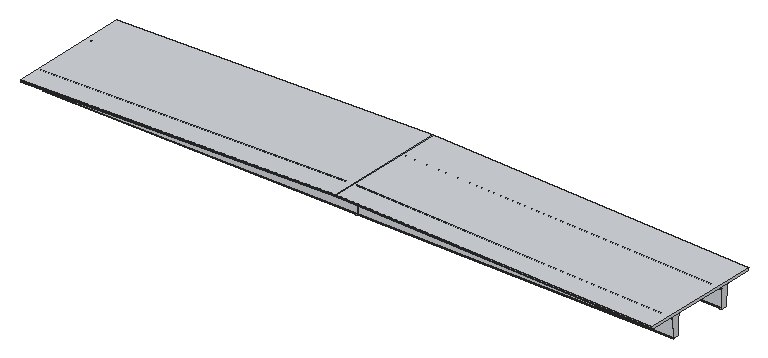
Revit family "TTS60-A_Precast-Rib deck with Slope_Spæncom", category Structural Framing, Revit 2014
Parameters (values of type "TTS 60-A")
  r2 = 10 mm  # constant formula
  r = 50 mm  # constant formula
  Type Comments = "Slope 1:40"
  TTS plate width side 2 (597mm) [instance] = 597.003 mm
  TTS plate width side 1 (597mm) [instance] = 597.003 mm
  TTS plate actual width [instance] = 2394.006 mm
  TTS height right [instance] = 443.76 mm
  TTS height left [instance] = 443.76 mm
  TTS height = 600 mm  # constant formula
  Structural Material [instance] = (empty or 0)
  Slope TTS = 1.432°  # constant formula
  Rib width = 100 mm  # constant formula
  Rib distance = 1200 mm  # constant formula
  Plate thickness = 50 mm  # constant formula
  Model = "TTS60-A"
  Manufacturer = "Spæncom"
  Length [instance] = 13000 mm
  Lenght to KIP right [instance] = 6500 mm
Reference planes
  plane 1 "Center (Front/Back)": y = 0
  plane 2 "Center Elevation": z = 0
  plane 3 "Center (Left/Right)": x = 0
  plane 4 "Left": x = -6500
  plane 5 "Member Left": x = -6250
  plane 6 "Stick Symbol Left": x = -6000
  plane 7 "Right": x = 6500
  plane 8 "Member Right": x = 6250
  plane 9 "Stick Symbol Right": x = 6000
  plane 10: y = 1197.003
  plane 11: y = -1197.003
  plane 12: y = -600
  plane 13: y = 600
  plane 14: z = 300
  plane 15: z = -300
  plane 16: through (12192, 529.921, 201.983) normal (0, 0.9992, 0.04)
  plane 17: through (12192, 650.384, -290.4) normal (0, -0.9992, 0.04)
  plane 18: through (12192, -670.079, 201.983) normal (0, 0.9992, 0.04)
  plane 19: through (12192, -549.616, -290.4) normal (0, -0.9992, 0.04)
  plane 20: z = 250
  plane 21: x = 0
Forms (mm)
  Extrusion 1, solid
    sketch origin (0, 0, 0) x (1, 0, 0) y (0, 0, 1)
      loop
        line (0, 300) -> (0, 249.984) -> (6250, 93.745) -> (6250, 143.76) -> (0, 300)
    from -1197.003 to 1197.003
  Sweep 2, void
    path in 3D
      loop
        line (-202.984, -1197.003, 255.059) -> (6494.923, -1197.003, 87.622)
    profile origin (3145.97, -1197.003, 171.34) x (0.024991, 0, 0.999688) y (0, -1, 0)
      loop
        line (0, -23) -> (19.994, -3) -> (49.984, 0) -> (0, 0) -> (0, -23)
  Sweep 3, void
    path in 3D
      loop
        line (6499.922, 1197.003, 87.497) -> (-217.979, 1197.003, 255.433)
    profile origin (3140.971, 1197.003, 171.465) x (0.024991, 0, 0.999688) y (0, 1, 0)
      loop
        line (19.994, -3) -> (49.984, 0) -> (0, 0) -> (0, -23) -> (19.994, -3)
  SweptBlend 4, solid
    path origin (0, 0, 0) x (1, 0, 0) y (0, 1, 0)
      loop
        line (6250, 600) -> (0, 600)
    profile origin (6250, 600, 0) x (0, -1, 0) y (0, 0, 1)
      loop
        line (50.384, -290.4) -> (63.83, 45.743)
        arc (63.83, 45.743) -> (79.148, 79.8) -> (113.79, 93.745) r 50
        line (113.79, 93.745) -> (-113.79, 93.745)
        arc (-113.79, 93.745) -> (-79.148, 79.8) -> (-63.83, 45.743) r 50
        line (-63.83, 45.743) -> (-50.384, -290.4)
        arc (-50.384, -290.4) -> (-47.32, -297.211) -> (-40.392, -300) r 10
        line (-40.392, -300) -> (40.392, -300)
        arc (40.392, -300) -> (47.32, -297.211) -> (50.384, -290.4) r 10
    end profile origin (0, 600, 0) x (0, -1, 0) y (0, 0, 1)
      loop
        arc (70.08, 201.998) -> (85.398, 236.055) -> (120.04, 250) r 50
        line (120.04, 250) -> (-120.04, 250)
        arc (-120.04, 250) -> (-85.398, 236.055) -> (-70.08, 201.998) r 50
        line (-70.08, 201.998) -> (-50.384, -290.4)
        arc (-50.384, -290.4) -> (-47.32, -297.211) -> (-40.392, -300) r 10
        line (-40.392, -300) -> (40.392, -300)
        arc (40.392, -300) -> (47.32, -297.211) -> (50.384, -290.4) r 10
        line (50.384, -290.4) -> (70.08, 201.998)
  SweptBlend 5, solid
    path origin (0, -1200, 0) x (1, 0, 0) y (0, 1, 0)
      loop
        line (6250, 600) -> (0, 600)
    profile origin (6250, -600, 0) x (0, -1, 0) y (0, 0, 1)
      loop
        line (50.384, -290.4) -> (63.83, 45.743)
        arc (63.83, 45.743) -> (79.148, 79.8) -> (113.79, 93.745) r 50
        line (113.79, 93.745) -> (-113.79, 93.745)
        arc (-113.79, 93.745) -> (-79.148, 79.8) -> (-63.83, 45.743) r 50
        line (-63.83, 45.743) -> (-50.384, -290.4)
        arc (-50.384, -290.4) -> (-47.32, -297.211) -> (-40.392, -300) r 10
        line (-40.392, -300) -> (40.392, -300)
        arc (40.392, -300) -> (47.32, -297.211) -> (50.384, -290.4) r 10
    end profile origin (0, -600, 0) x (0, -1, 0) y (0, 0, 1)
      loop
        arc (70.08, 201.998) -> (85.398, 236.055) -> (120.04, 250) r 50
        line (120.04, 250) -> (-120.04, 250)
        arc (-120.04, 250) -> (-85.398, 236.055) -> (-70.08, 201.998) r 50
        line (-70.08, 201.998) -> (-50.384, -290.4)
        arc (-50.384, -290.4) -> (-47.32, -297.211) -> (-40.392, -300) r 10
        line (-40.392, -300) -> (40.392, -300)
        arc (40.392, -300) -> (47.32, -297.211) -> (50.384, -290.4) r 10
        line (50.384, -290.4) -> (70.08, 201.998)
  Extrusion 6, solid
    sketch origin (0, 0, 0) x (-1, 0, 0) y (0, 0, -1)
      loop
        line (0, -300) -> (6250, -143.76) -> (6250, -93.745) -> (0, -249.984) -> (0, -300)
    from -1197.003 to 1197.003
  Sweep 7, void
    path in 3D
      loop
        line (-6492.972, -1197.003, 87.671) -> (144.955, -1197.003, 253.608)
    profile origin (-3174.008, -1197.003, 170.64) x (-0.024991, 0, 0.999688) y (0, -1, 0)
      loop
        line (0, -23) -> (19.994, -3) -> (49.984, 0) -> (0, 0) -> (0, -23)
  SweptBlend 8, solid
    path origin (0, 0, 0) x (-1, 0, 0) y (0, 1, 0)
      loop
        line (6250, 600) -> (0, 600)
    profile origin (-6250, 600, 0) x (0, 1, 0) y (0, 0, 1)
      loop
        arc (-50.384, -290.4) -> (-47.32, -297.211) -> (-40.392, -300) r 10
        line (-40.392, -300) -> (40.392, -300)
        arc (40.392, -300) -> (47.32, -297.211) -> (50.384, -290.4) r 10
        line (50.384, -290.4) -> (63.83, 45.743)
        arc (63.83, 45.743) -> (79.148, 79.8) -> (113.79, 93.745) r 50
        line (113.79, 93.745) -> (-113.79, 93.745)
        arc (-113.79, 93.745) -> (-79.148, 79.8) -> (-63.83, 45.743) r 50
        line (-63.83, 45.743) -> (-50.384, -290.4)
    end profile origin (0, 600, 0) x (0, 1, 0) y (0, 0, 1)
      loop
        line (-70.08, 201.998) -> (-50.384, -290.4)
        arc (-50.384, -290.4) -> (-47.32, -297.211) -> (-40.392, -300) r 10
        line (-40.392, -300) -> (40.392, -300)
        arc (40.392, -300) -> (47.32, -297.211) -> (50.384, -290.4) r 10
        line (50.384, -290.4) -> (70.08, 201.998)
        arc (70.08, 201.998) -> (85.398, 236.055) -> (120.04, 250) r 50
        line (120.04, 250) -> (-120.04, 250)
        arc (-120.04, 250) -> (-85.398, 236.055) -> (-70.08, 201.998) r 50
  SweptBlend 9, solid
    path origin (0, -1200, 0) x (-1, 0, 0) y (0, 1, 0)
      loop
        line (6250, 600) -> (0, 600)
    profile origin (-6250, -600, 0) x (0, 1, 0) y (0, 0, 1)
      loop
        arc (-50.384, -290.4) -> (-47.32, -297.211) -> (-40.392, -300) r 10
        line (-40.392, -300) -> (40.392, -300)
        arc (40.392, -300) -> (47.32, -297.211) -> (50.384, -290.4) r 10
        line (50.384, -290.4) -> (63.83, 45.743)
        arc (63.83, 45.743) -> (79.148, 79.8) -> (113.79, 93.745) r 50
        line (113.79, 93.745) -> (-113.79, 93.745)
        arc (-113.79, 93.745) -> (-79.148, 79.8) -> (-63.83, 45.743) r 50
        line (-63.83, 45.743) -> (-50.384, -290.4)
    end profile origin (0, -600, 0) x (0, 1, 0) y (0, 0, 1)
      loop
        line (-70.08, 201.998) -> (-50.384, -290.4)
        arc (-50.384, -290.4) -> (-47.32, -297.211) -> (-40.392, -300) r 10
        line (-40.392, -300) -> (40.392, -300)
        arc (40.392, -300) -> (47.32, -297.211) -> (50.384, -290.4) r 10
        line (50.384, -290.4) -> (70.08, 201.998)
        arc (70.08, 201.998) -> (85.398, 236.055) -> (120.04, 250) r 50
        line (120.04, 250) -> (-120.04, 250)
        arc (-120.04, 250) -> (-85.398, 236.055) -> (-70.08, 201.998) r 50
  Sweep 10, void
    path in 3D
      loop
        line (108.014, 1197.003, 252.685) -> (-6250, 1197.003, 93.745)
    profile origin (-3070.993, 1197.003, 173.215) x (-0.024991, 0, 0.999688) y (0, 1, 0)
      loop
        line (0, -23) -> (19.994, -3) -> (49.984, 0) -> (0, 0) -> (0, -23)
Cuts and joins
  Sweep 2, Sweep 3 cuts Extrusion 1
  Sweep 7, Sweep 10 cuts Extrusion 6
Lines and regions (mm)
  sketch lines
    curve 1: line (-202.984, -1197.003, 255.059) -> (6494.923, -1197.003, 87.622)
    curve 2: line (6499.922, 1197.003, 87.497) -> (-217.979, 1197.003, 255.433)
    curve 3: line (-6492.972, -1197.003, 87.671) -> (144.955, -1197.003, 253.608)
    curve 4: line (108.014, 1197.003, 252.685) -> (-6250, 1197.003, 93.745)
Dimensions and locks
  "Length": plane 4 "Left" to plane 7 "Right"
  "TTS plate actual width": plane 10 to plane 11
  "Rib distance": plane 13 to plane 12
  equal spacing: plane 13, plane 1 "Center (Front/Back)", plane 12
  equal spacing: plane 14, level, plane 15
  "TTS height": plane 14 to plane 15
  "Plate thickness": Extrusion 1 sketch curve to Extrusion 1 sketch curve
  "Plate thickness": Extrusion 6 sketch curve to Extrusion 6 sketch curve
  locked: SweptBlend 9 sketch curve to SweptBlend 9 sketch curve at 48.002
  locked: SweptBlend 9 sketch curve to cut or joined group of Extrusion 6, Sweep 7, Sweep 10 at 48.002
  "Rib width": plane 16 to plane 17
  "Rib width": plane 18 to plane 19
  equal spacing: plane 16, plane 13, plane 17
  equal spacing: plane 18, plane 12, plane 19
  locked: SweptBlend 4 sketch curve to SweptBlend 4 sketch curve at 48.002  (x2)
  locked: SweptBlend 5 sketch curve to SweptBlend 5 sketch curve at 48.002  (x2)
  "Plate thickness": plane 20 to plane 14
  equal spacing: plane 19, plane 12, plane 18
  equal spacing: plane 17, plane 13, plane 16
  locked: SweptBlend 8 sketch curve to SweptBlend 8 sketch curve at 48.002  (x2)
  locked: cut or joined group of Extrusion 6, Sweep 7, Sweep 10 to SweptBlend 8 sketch curve at 50.016
  "TTS height left": cut or joined group of Extrusion 6, Sweep 7, Sweep 10 to plane 15
  "TTS height right": cut or joined group of Extrusion 1, Sweep 2, Sweep 3 to plane 15
  "Lenght to KIP right": plane 21 to plane 7 "Right"
  "TTS plate width side 1 (597mm)": plane 12 to plane 11
  "TTS plate width side 2 (597mm)": plane 10 to plane 13
  "r": radius of SweptBlend 4 sketch curve  (x4)
  "r2": radius of SweptBlend 4 sketch curve  (x4)
  "r": radius of SweptBlend 5 sketch curve  (x4)
  "r2": radius of SweptBlend 5 sketch curve  (x4)
  "r": radius of SweptBlend 8 sketch curve  (x4)
  "r2": radius of SweptBlend 8 sketch curve  (x4)
  "r": radius of SweptBlend 9 sketch curve  (x4)
  "r2": radius of SweptBlend 9 sketch curve  (x4)
  "Slope TTS": angle Extrusion 1 sketch curve to plane 14
  "Slope TTS": angle plane 14 to Extrusion 6 sketch curve
  aligned and locked: level to plane 2 "Center Elevation"
  aligned and locked: Extrusion 1 to plane 11
  aligned and locked: plane 10 to Extrusion 1
  aligned and locked: Extrusion 1 to plane 8 "Member Right"
  aligned and locked: plane 8 "Member Right" to SweptBlend 5 sketch curve
  aligned and locked: Extrusion 6 to plane 5 "Member Left"
  aligned and locked: plane 5 "Member Left" to SweptBlend 9 sketch curve
  aligned and locked: plane 15 to SweptBlend 5 sketch curve
  aligned and locked: SweptBlend 5 sketch curve to plane 15
  aligned and locked: SweptBlend 4 sketch curve to SweptBlend 8  (x2)
  aligned and locked: SweptBlend 9 sketch curve to plane 15
  aligned and locked: plane 15 to SweptBlend 9 sketch curve
  aligned and locked: SweptBlend 8 sketch curve to plane 15
  aligned and locked: plane 15 to SweptBlend 8 sketch curve
  aligned and locked: plane 5 "Member Left" to SweptBlend 8 sketch curve
  aligned and locked: cut or joined group of Extrusion 1, Sweep 2, Sweep 3 to SweptBlend 4 sketch curve
  aligned and locked: plane 17 to SweptBlend 4 sketch curve  (x2)
  aligned and locked: plane 16 to SweptBlend 4 sketch curve  (x2)
  aligned and locked: plane 19 to SweptBlend 5 sketch curve  (x2)
  aligned and locked: plane 18 to SweptBlend 5 sketch curve  (x2)
  aligned and locked: cut or joined group of Extrusion 1, Sweep 2, Sweep 3 to SweptBlend 5 sketch curve
  aligned and locked: SweptBlend 8 sketch curve to plane 16  (x2)
  aligned and locked: SweptBlend 8 sketch curve to plane 17  (x2)
  aligned and locked: SweptBlend 9 sketch curve to plane 18  (x2)
  aligned and locked: SweptBlend 9 sketch curve to plane 19  (x2)
  aligned and locked: SweptBlend 9 sketch curve to plane 20
  aligned and locked: SweptBlend 8 sketch curve to plane 20
  aligned and locked: plane 20 to SweptBlend 5 sketch curve
  aligned and locked: plane 20 to SweptBlend 4 sketch curve
  aligned and locked: plane 21 to cut or joined group of Extrusion 6, Sweep 7, Sweep 10
  aligned and locked: plane 21 to cut or joined group of Extrusion 1, Sweep 2, Sweep 3
  aligned and locked: plane 21 to SweptBlend 5 sketch curve
  aligned and locked: plane 21 to SweptBlend 4 sketch curve
  aligned and locked: plane 21 to SweptBlend 9 sketch curve
  aligned and locked: plane 21 to SweptBlend 8 sketch curve
  aligned and locked: Sweep 2 to Extrusion 1
  aligned and locked: Sweep 3 to Extrusion 1
  aligned and locked: plane 10 to Extrusion 6
  aligned and locked: Extrusion 6 to plane 11
Automatic sketch dimensions
  Sweep 2 sketch curve to profile plane = 0 mm  (x2)
  Sweep 2 sketch curve to profile plane = 3 mm
  Sweep 2 sketch curve to profile plane = 19.994 mm
  Sweep 2 sketch curve to Sweep 2 sketch curve = 29.991 mm
  Sweep 2 sketch curve to profile plane = 23 mm
  Sweep 3 sketch curve to profile plane = 0 mm  (x2)
  Sweep 3 sketch curve to profile plane = 3 mm
  Sweep 3 sketch curve to profile plane = 19.994 mm
  Sweep 3 sketch curve to Sweep 3 sketch curve = 29.991 mm
  Sweep 3 sketch curve to profile plane = 23 mm
  SweptBlend 4 sketch curve to SweptBlend 4 sketch curve = 9.992 mm  (x4)
  SweptBlend 5 sketch curve to SweptBlend 5 sketch curve = 9.992 mm  (x4)
  Sweep 7 sketch curve to profile plane = 0 mm
  profile plane to Sweep 7 sketch curve = 0 mm
  Sweep 7 sketch curve to profile plane = 3 mm
  Sweep 7 sketch curve to profile plane = 19.994 mm
  Sweep 7 sketch curve to Sweep 7 sketch curve = 29.991 mm
  Sweep 7 sketch curve to profile plane = 23 mm
  SweptBlend 9 sketch curve to SweptBlend 9 sketch curve = 9.992 mm  (x4)
  SweptBlend 9 sketch curve to SweptBlend 9 sketch curve = 49.96 mm  (x3)
  SweptBlend 4 sketch curve to SweptBlend 4 sketch curve = 49.96 mm  (x2)
  SweptBlend 5 sketch curve to SweptBlend 5 sketch curve = 49.96 mm  (x2)
  SweptBlend 8 sketch curve to SweptBlend 8 sketch curve = 49.96 mm  (x2)
  SweptBlend 8 sketch curve to SweptBlend 8 sketch curve = 9.992 mm  (x4)
  Extrusion 1 sketch curve to plane 3 "Center (Left/Right)" = 0 mm
  Extrusion 1 sketch curve to plane 14 = 0 mm
  Extrusion 1 sketch curve to plane 8 "Member Right" = 0 mm
  Extrusion 6 sketch curve to plane 3 "Center (Left/Right)" = 0 mm
  plane 5 "Member Left" to Extrusion 6 sketch curve = 0 mm
  Extrusion 6 sketch curve to plane 14 = 0 mm
  SweptBlend 5 sketch curve to plane 12 = 0 mm
  SweptBlend 4 sketch curve to plane 13 = 0 mm
  SweptBlend 4 sketch curve to plane 8 "Member Right" = 0 mm
  SweptBlend 9 sketch curve to plane 12 = 0 mm
  SweptBlend 8 sketch curve to plane 13 = 0 mm
  Sweep 10 sketch curve to profile plane = 0 mm
  profile plane to Sweep 10 sketch curve = 0 mm
  Sweep 10 sketch curve to profile plane = 3 mm
  Sweep 10 sketch curve to profile plane = 19.994 mm
  Sweep 10 sketch curve to profile plane = 23 mm
  Sweep 10 sketch curve to Sweep 10 sketch curve = 29.991 mm
